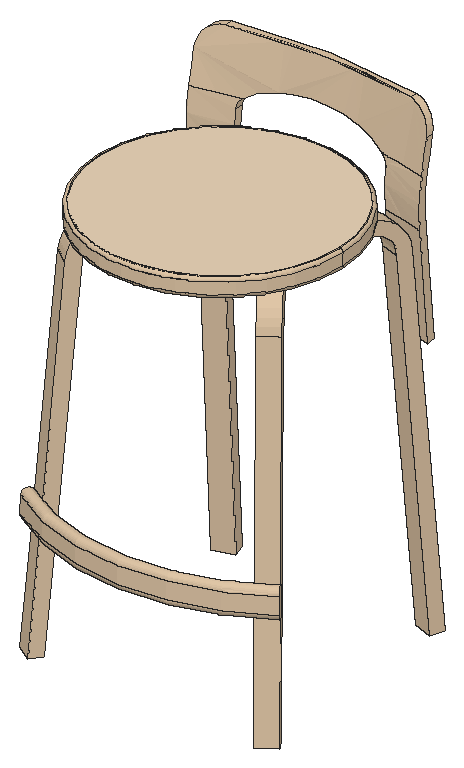
Revit family "Artek_Bar Stools_High Chair K65_High Chair K65_quick_ship", category Furniture, Revit 2018
Family settings
  OmniClass Number = 23.40.20.14.14.11
  OmniClass Title = Chairs
  Work Plane-Based = No
  Always vertical = Yes
  Cut with Voids When Loaded = No
  Shared = No
  Room Calculation Point = No
Parameters (values of type "High Chair K65 Natural Lacquer/Birch Veneer")
  WarrantyStartDate [instance] = "n/a"
  WarrantyGuarantorParts = "n/a"
  WarrantyGuarantorLabor = "n/a"
  WarrantyDurationUnit = "n/a"
  WarrantyDurationParts = "n/a"
  WarrantyDurationLabor = "n/a"
  WarrantyDescription = "n/a"
  VersionDate = "03/11/2020"  # constant formula
  Version = "1"  # constant formula
  Uniclass2015Reference = "Pr_40_50_12_22"
  Uniclass2015Description = "High Chairs"
  Uniclass2 = "Pr_40_50_12_48"
  URL = "https://www.artek.fi/en/products/high-chair-k65"
  Type Comments = ""
  TagNumber [instance] = "n/a"
  SustainabilityPerformance = "n/a"
  Style = "n/a"
  Size = "380x400x700 mm"
  Shape = "Sculptured"
  SerialNumber [instance] = "n/a"
  SeatingHeight = 595 mm
  SeatMaterial = Birch Veneer
  SeatBandMaterial = Natural Lacquered
  Revision = "n/a"
  ReplacementCost = "n/a"
  ProductInformation = "Alvar Aalto's long-legged High Chair K65 is the optimum height for high-top tables and bar counters. Its low seat back offers just the right amount of back support, and its curved rail serves as the perfect foot rest. Part of the L-leg collection and created from the original system of standardised components, High Chair K65 has been serving up style and substance since the 1930s."
  NominalLength = 380 mm
  NominalHeight = 700 mm
  NominalDepth = 400 mm
  Name = "Artek_High Chair K65"
  NBSReference = "45-35-20/365"
  NBSDescription = "High Chairs"
  ModelReference = "n/a"
  ModelNumber = "n/a"
  Material = "Wood"
  ManufacturerURL = "https://www.artek.fi/en/"
  ManufacturerName = "Artek"
  Model = "High Chair K65 Natural Lacquer/Birch Veneer"
  Manufacturer = "Artek"
  MainColor = "Natural Lacquered"
  LegsMaterial = Natural Lacquered
  InstallationDate [instance] = "n/a"
  IfcExportType = "CHAIR"  # constant formula
  IfcExportAs = "IfcFurnishingElementType"  # constant formula
  Grade = "n/a"
  Finish = "Legs and seat edge-band:\r\nSolid birch\r\nSeat core versions:\r\nSolid birch, Birch plywood\r\nSeat surface versions:\r\nBirch veneer, High-pressure laminate, Linoleum, Fabric upholstery and PU foam padding, Leather upholstery and PU foam padding, Leather upholstery\r\nBackrest:\r\nForm-pressed birch plywood\r\nFootrest:\r\nForm-pressed solid birch lamella"
  Features = "n/a"
  ExpectedLife = "n/a"
  DurationUnit = "n/a"
  Designer = "Alvar Aalto"
  Description = "Alvar Aalto's long-legged High Chair K65 is the optimum height for high-top tables and bar counters. Its low seat back offers just the right amount of back support, and its curved rail serves as the perfect foot rest. Part of the L-leg collection and created from the original system of standardised components, High Chair K65 has been serving up style and substance since the 1930s."
  Cost = 0
  ConvergoRefNr = "0190-2009-0004-FI"
  Constituents = "n/a"
  Color = MainColor  # "Natural Lacquered"
  CodePerformance = "n/a"
  Barcode [instance] = "n/a"
  AssetIdentifier [instance] = "n/a"
  Category = "High Chairs"
  Brand = "Artek"
  BIMObjectName = "Furniture_Chairs_Artek_High Chair K65"
  Author = "Convergo AB"  # constant formula
  AssetType = "Movable"
  ArticleNr = "28100651"
  AccessibilityPerformance = "n/a"
Types (6, lengths in mm): name | SeatMaterial | SeatBandMaterial | Model | MainColor | LegsMaterial | Color | ArticleNr
  (no name) | Birch Veneer | Natural Lacquered | "High Chair K65 Natural Lacquer/Birch Veneer" | "Natural Lacquered" | Natural Lacquered | "Natural Lacquered" | "28100651"
  High Chair K65 Natural Lacquer/Birch Veneer | Birch Veneer | Natural Lacquered | "High Chair K65 Natural Lacquer/Birch Veneer" | "Natural Lacquered" | Natural Lacquered | "Natural Lacquered" | "28100651"
  High Chair K65 Natural Lacquer/IKI White HPL | IKI white HPL | Natural Lacquered | "High Chair K65 Natural Lacquer/IKI White HPL" | "Natural Lacquered" | Natural Lacquered | "Natural Lacquered" | "28100652"
  High Chair K65 Natural Lacquer/Black Linoleum | Black Linoleum | Natural Lacquered | "High Chair K65 Natural Lacquer/Black Linoleum" | "Natural Lacquered" | Natural Lacquered | "Natural Lacquered" | "28100653"
  High Chair K65 White Lacquered/White Lacquered | White Lacquered | White Lacquered | "High Chair K65 White Lacquered/White Lacquered" | "White Lacquered" | White Lacquered | "White Lacquered" | "28100654"
  High Chair K65 Black Lacquered/Black Lacquered | White Lacquered | White Lacquered | "High Chair K65 Black Lacquered/Black Lacquered" | "Black Lacquered" | White Lacquered | "Black Lacquered" | "28100655"
Reference planes
  plane 1 "Center (Front/Back)": y = 0
  plane 2: z = 0
  plane 3 "Center (Left/Right)": x = 0
  plane 4: z = 700
  plane 5: z = 595
  plane 6: x = -190
  plane 7: x = 190
  plane 8: y = -200
  plane 9: y = 200
Dimensions and locks
  "SeatingHeight": plane 5 to level
  "NominalHeight": plane 4 to level
  equal spacing: plane 6, plane 3 "Center (Left/Right)", plane 7
  equal spacing: plane 8, plane 1 "Center (Front/Back)", plane 9
  "NominalLength": plane 6 to plane 7
  "NominalDepth": plane 9 to plane 8
  aligned and locked: level to plane 2
Nested families
  nested 1: "chair k65" at (0, 0, 0), Material 1 <- "SeatBandMaterial", Material 2 <- "LegsMaterial", Material 3 <- "SeatMaterial", type "chair k65"
    with Material 3 Birch Veneer, Material 2 Natural Lacquered, Material 1 Natural Lacquered
Definition of nested family "chair k65"
  Parameters (values of type "chair k65")
    Material 3 [instance] = none
    Material 2 [instance] = none
    Material 1 [instance] = none
  Reference planes
    plane 1 "Center (Front/Back)": y = 0
    plane 2: z = 0
    plane 3 "Center (Left/Right)": x = 0
    plane 4: x = -190
    plane 5: x = 190
    plane 6: y = -200
    plane 7: y = 200
    plane 8: z = 700
  Forms (mm)
    Extrusion 1, solid, material <- "Material 2", detail levels medium+fine
      sketch origin (-93.875, -19.505, 142.951) x (0.305529, -0.952183, 0) y (0, 0, -1)
        loop
          line (-222.507, 142.951) -> (-177.516, -371.295)
          arc (-177.516, -371.295) -> (-158.28, -410.302) -> (-117.744, -426.065) r 60
          line (-117.744, -426.065) -> (-65, -426.065) -> (-65, -406.065) -> (-117.744, -406.065)
          arc (-117.744, -406.065) -> (-144.768, -395.556) -> (-157.592, -369.552) r 40
          line (-157.592, -369.552) -> (-202.43, 142.951) -> (-222.507, 142.951)
      from -5 to 25
    Sweep 2, solid, material <- "Material 2", detail levels medium+fine
      path origin (0, -807.553, 130) x (1, 0, 0) y (0, 1, 0)
        loop
          arc (-190, 293.158) -> (0, 483.158) -> (190, 293.158) r 190
      profile origin (0, -324.395, 130) x (0, 1, 0) y (0, 0, 1)
        loop
          line (502.34, 263.876) -> (512.29, 264.871) -> (497.082, 417)
          arc (497.082, 417) -> (496.108, 453.407) -> (500.435, 489.57) r 250
          line (500.435, 489.57) -> (560.406, 798.092) -> (550.589, 800) -> (490.058, 488.595)
          arc (490.058, 488.595) -> (485.905, 453.879) -> (486.839, 418.928) r 240
          line (486.839, 418.928) -> (502.34, 263.876)
    Extrusion 3, solid, material <- "Material 2", detail levels medium+fine
      sketch origin (66.357, 27.571, 142.951) x (-0.573576, 0.819152, 0) y (0, 0, -1)
        loop
          line (-208.683, 142.951) -> (-163.693, -371.295)
          arc (-163.693, -371.295) -> (-144.456, -410.302) -> (-103.921, -426.065) r 60
          line (-103.921, -426.065) -> (-51.177, -426.065) -> (-51.177, -406.065) -> (-103.921, -406.065)
          arc (-103.921, -406.065) -> (-130.945, -395.556) -> (-143.769, -369.552) r 40
          line (-143.769, -369.552) -> (-188.607, 142.951) -> (-208.683, 142.951)
      from -5 to 25
    Extrusion 4, void
      sketch origin (0, -267.104, -100) x (1, 0, 0) y (0, 0, 1)
        loop
          line (-170.102, 200) -> (-110.102, 200) -> (-110.102, 704.482)
          spline (-110.102, 704.482) -> (-106.351, 714.835) -> (-95.351, 724.482) -> (-77.854, 732.766) -> (-55.051, 739.123) -> (-28.497, 743.119) -> (0, 744.482) -> (28.497, 743.119) -> (55.051, 739.123) -> (77.854, 732.766) -> (95.351, 724.482) -> (106.351, 714.835) -> (110.102, 704.482)
          line (110.102, 704.482) -> (110.102, 200) -> (170.102, 200) -> (170.102, 765)
          arc (170.102, 765) -> (159.851, 789.749) -> (135.102, 800) r 35
          line (135.102, 800) -> (-135.102, 800)
          arc (-135.102, 800) -> (-159.851, 789.749) -> (-170.102, 765) r 35
          line (-170.102, 765) -> (-170.102, 200)
        loop
          line (-1185.878, 1284.376) -> (-1185.878, -155.624) -> (903.83, -155.624) -> (903.83, 1284.376) -> (-1185.878, 1284.376)
      from -1020.565 to 250
    Sweep 5, solid, material <- "Material 2", detail levels medium+fine
      path origin (0, 0.312, 0) x (1, 0, 0) y (0, 1, 0)
        loop
          arc (-190, -140.293) -> (0, -200) -> (190, -140.293) r 332.162
      profile origin (0, -199.688, 0) x (0, 1, 0) y (0, 0, 1)
        loop
          arc (18.078, 198.377) -> (9.495, 207.499) -> (0.374, 198.915) r 8.856
          line (0.374, 198.915) -> (-0.367, 174.386)
          arc (-0.367, 174.386) -> (8.213, 165.27) -> (17.33, 173.849) r 8.853
          line (17.33, 173.849) -> (18.078, 198.377)
    Extrusion 6, solid, material <- "Material 2", detail levels medium+fine
      sketch origin (-66.357, 27.571, 142.951) x (0.573576, 0.819152, 0) y (0, 0, 1)
        loop
          line (-208.683, -142.951) -> (-188.607, -142.951) -> (-143.769, 369.552)
          arc (-143.769, 369.552) -> (-130.945, 395.556) -> (-103.921, 406.065) r 40
          line (-103.921, 406.065) -> (-51.177, 406.065) -> (-51.177, 426.065) -> (-103.921, 426.065)
          arc (-103.921, 426.065) -> (-144.456, 410.302) -> (-163.693, 371.295) r 60
          line (-163.693, 371.295) -> (-208.683, -142.951)
      from -5 to 25
    Extrusion 7, solid, material <- "Material 2", detail levels medium+fine
      sketch origin (93.875, -19.505, 142.951) x (-0.305529, -0.952183, 0) y (0, 0, 1)
        loop
          line (-222.507, -142.951) -> (-202.43, -142.951) -> (-157.592, 369.552)
          arc (-157.592, 369.552) -> (-144.768, 395.556) -> (-117.744, 406.065) r 40
          line (-117.744, 406.065) -> (-65, 406.065) -> (-65, 426.065) -> (-117.744, 426.065)
          arc (-117.744, 426.065) -> (-158.28, 410.302) -> (-177.516, 371.295) r 60
          line (-177.516, 371.295) -> (-222.507, -142.951)
      from -5 to 25
    Extrusion 8, solid, material <- "Material 3", detail levels medium+fine
      sketch origin (0, 0, 0) x (1, 0, 0) y (0, 1, 0)
        loop
          circle (0, -12.529) r 175
      from 590.017 to 595.017
    Revolve 9, solid, material <- "Material 1", detail levels medium+fine
      sketch origin (0, -12.29, 0) x (1, 0, 0) y (0, 0, 1)
        loop
          line (0, 590.017) -> (-175, 590.017) -> (-175, 595.017)
          arc (-175, 595.017) -> (-178.536, 593.552) -> (-180, 590.017) r 5
          line (-180, 590.017) -> (-180, 573.017)
          arc (-180, 573.017) -> (-178.536, 569.481) -> (-175, 568.017) r 5
          line (-175, 568.017) -> (0, 568.017) -> (0, 590.017)
        axis (0, 568.017) -> (0, 595.017)
      angle from 0 to 360
    Extrusion 10, solid, material <- "Material 1", detail levels coarse
      sketch origin (0, 0, 0) x (1, 0, 0) y (0, 1, 0)
        loop
          line (-190, 200) -> (-190, -200) -> (190, -200) -> (190, 200) -> (-190, 200)
      from 0 to 700
  Cuts and joins
    Extrusion 4 cuts Sweep 2
    joined: Extrusion 1, Sweep 2, Extrusion 3, Sweep 5, Extrusion 6, Extrusion 7
  Lines and regions (mm)
    symbolic lines, detail levels medium+fine
      curve 1: arc (-110.102, 200, 0) -> (-140.197, 195.404, 0) -> (-170.103, 189.706, 0) r 829.119
      curve 3: line (-154.202, 148.163, 0) -> (-139.297, 101.712, 0)
      curve 4: line (-190.148, -140.504, 0) -> (-159.194, -96.297, 0)
      curve 7: arc (-190.148, -140.504, 0) -> (-177.615, -148.786, 0) -> (-164.723, -156.496, 0) r 333.604
      curve 9: line (-183.783, 142.54, 0) -> (-190, 151.097, 0)
      curve 10: line (-190, 151.097, 0) -> (-190, 162.285, 0)
      curve 11: arc (-190, 162.285, 0) -> (-189.73, 163.589, 0) -> (-188.964, 164.679, 0) r 3.283
      curve 12: arc (-188.964, 164.679, 0) -> (-181.002, 170.808, 0) -> (-172.003, 175.277, 0) r 51.559
      curve 13: arc (-172.003, 175.277, 0) -> (-169.087, 176.363, 0) -> (-166.158, 177.41, 0) r 233.461
      curve 18: line (-170.103, 189.706, 0) -> (-166.158, 177.41, 0)
      curve 19: line (-110.102, 200, 0) -> (-106.92, 190.082, 0)
      curve 20: line (-154.202, 148.163, 0) -> (-183.783, 142.54, 0)
      curve 23: arc (-106.92, 190.082, 0) -> (-53.617, 195.907, 0) -> (0, 196.5, 0) r 548.452
      curve 25: arc (-164.723, -156.496, 0) -> (-85.185, -188.941, 0) -> (0, -200, 0) r 333.604
      curve 26: arc (110.102, 200, 0) -> (140.197, 195.404, 0) -> (170.103, 189.706, 0) r 829.119
      curve 28: line (154.202, 148.163, 0) -> (139.297, 101.712, 0)
      curve 29: line (190.148, -140.504, 0) -> (159.194, -96.297, 0)
      curve 32: arc (190.148, -140.504, 0) -> (177.615, -148.786, 0) -> (164.723, -156.496, 0) r 333.604
      curve 34: line (183.783, 142.54, 0) -> (190, 151.097, 0)
      curve 35: line (190, 151.097, 0) -> (190, 162.285, 0)
      curve 36: arc (190, 162.285, 0) -> (189.73, 163.589, 0) -> (188.964, 164.679, 0) r 3.283
      curve 37: arc (188.964, 164.679, 0) -> (181.002, 170.808, 0) -> (172.003, 175.277, 0) r 51.559
      curve 38: arc (172.003, 175.277, 0) -> (169.087, 176.363, 0) -> (166.158, 177.41, 0) r 233.461
      curve 43: line (170.103, 189.706, 0) -> (166.158, 177.41, 0)
      curve 44: line (110.102, 200, 0) -> (106.92, 190.082, 0)
      curve 45: line (154.202, 148.163, 0) -> (183.783, 142.54, 0)
      curve 48: arc (106.92, 190.082, 0) -> (53.617, 195.907, 0) -> (0, 196.5, 0) r 548.452
      curve 50: arc (164.723, -156.496, 0) -> (85.185, -188.941, 0) -> (0, -200, 0) r 333.604
      curve 51: line (0, 0, 700) -> (-125, 0, 700)
      curve 52: line (-170.102, 0, 398.655) -> (-179.737, 0, 207.049)
      curve 53: line (-190.148, 0, 0) -> (-131.919, 0, 0)
      curve 54: line (-131.919, 0, 0) -> (-127.506, 0, 165.107)
      curve 68: spline (-175, 0, 568.017) -> (-176.294, 0, 568.476) -> (-177.5, 0, 569.824) -> (-178.536, 0, 571.968) -> (-179.33, 0, 574.763) -> (-179.83, 0, 578.016) -> (-180, 0, 581.508) -> (-179.83, 0, 585) -> (-179.33, 0, 588.254) -> (-178.536, 0, 591.048) -> (-177.5, 0, 593.192) -> (-176.294, 0, 594.54) -> (-175, 0, 595)
      curve 71: line (-184.534, 0, 207.049) -> (-179.737, 0, 207.049)
      curve 72: line (-184.534, 0, 165.107) -> (-181.846, 0, 165.107)
      curve 73: spline (-184.534, 0, 207.049) -> (-185.951, 0, 206.334) -> (-187.271, 0, 204.239) -> (-188.405, 0, 200.907) -> (-189.274, 0, 196.563) -> (-189.821, 0, 191.506) -> (-190.008, 0, 186.078) -> (-189.821, 0, 180.65) -> (-189.274, 0, 175.592) -> (-188.405, 0, 171.249) -> (-187.271, 0, 167.917) -> (-185.951, 0, 165.822) -> (-184.534, 0, 165.107)
      curve 80: line (-181.846, 0, 165.107) -> (-190.148, 0, 0)
      curve 86: line (-127.506, 0, 165.107) -> (0, 0, 165.107)
      curve 92: line (0, 0, 700) -> (125, 0, 700)
      curve 93: line (170.102, 0, 398.655) -> (179.737, 0, 207.049)
      curve 94: line (190.148, 0, 0) -> (131.919, 0, 0)
      curve 95: line (131.919, 0, 0) -> (127.506, 0, 165.107)
      curve 109: spline (175, 0, 568.017) -> (176.294, 0, 568.476) -> (177.5, 0, 569.824) -> (178.536, 0, 571.968) -> (179.33, 0, 574.763) -> (179.83, 0, 578.016) -> (180, 0, 581.508) -> (179.83, 0, 585) -> (179.33, 0, 588.254) -> (178.536, 0, 591.048) -> (177.5, 0, 593.192) -> (176.294, 0, 594.54) -> (175, 0, 595)
      curve 112: line (184.534, 0, 207.049) -> (179.737, 0, 207.049)
      curve 113: line (184.534, 0, 165.107) -> (181.846, 0, 165.107)
      curve 114: spline (184.534, 0, 207.049) -> (185.951, 0, 206.334) -> (187.271, 0, 204.239) -> (188.405, 0, 200.907) -> (189.274, 0, 196.563) -> (189.821, 0, 191.506) -> (190.008, 0, 186.078) -> (189.821, 0, 180.65) -> (189.274, 0, 175.592) -> (188.405, 0, 171.249) -> (187.271, 0, 167.917) -> (185.951, 0, 165.822) -> (184.534, 0, 165.107)
      curve 121: line (181.846, 0, 165.107) -> (190.148, 0, 0)
      curve 127: line (127.506, 0, 165.107) -> (0, 0, 165.107)
      curve 133: line (0, 0, 595) -> (0, 140.751, 595)
      curve 135: line (0, 0, 595) -> (0, -186.482, 595)
      curve 136: line (0, -186.482, 567.922) -> (0, -80.831, 567.922)
      curve 137: spline (0, -186.482, 595) -> (0, -187.776, 594.539) -> (0, -188.982, 593.186) -> (0, -190.018, 591.034) -> (0, -190.812, 588.23) -> (0, -191.312, 584.965) -> (0, -191.482, 581.461) -> (0, -191.312, 577.957) -> (0, -190.812, 574.691) -> (0, -190.018, 571.887) -> (0, -188.982, 569.736) -> (0, -187.776, 568.383) -> (0, -186.482, 567.922)
      curve 138: line (0, -11.482, 567.922) -> (0, -11.482, 549.017)
      curve 139: line (0, -54.688, 549.017) -> (0, -11.482, 549.017)
      curve 140: spline (0, -54.688, 549.017) -> (0, -58.728, 548.711) -> (0, -62.707, 547.8) -> (0, -66.564, 546.297) -> (0, -70.239, 544.225) -> (0, -73.676, 541.615) -> (0, -76.824, 538.508) -> (0, -79.634, 534.95) -> (0, -82.064, 530.997) -> (0, -84.075, 526.708) -> (0, -85.638, 522.149) -> (0, -86.728, 517.39) -> (0, -87.329, 512.503)
      curve 141: line (0, -87.329, 512.503) -> (0, -124.059, 0)
      curve 143: spline (0, -80.831, 567.922) -> (0, -86.483, 567.474) -> (0, -92.05, 566.136) -> (0, -97.447, 563.93) -> (0, -102.594, 560.888) -> (0, -107.413, 557.055) -> (0, -111.831, 552.491) -> (0, -115.782, 547.262) -> (0, -119.206, 541.45) -> (0, -122.052, 535.14) -> (0, -124.276, 528.428) -> (0, -125.845, 521.416) -> (0, -126.736, 514.209)
      curve 144: line (0, -126.736, 514.209) -> (0, -142.84, 207.503)
      curve 147: line (0, -145.867, 165.266) -> (0, -157.712, 0)
      curve 148: line (0, 167.744, 0) -> (0, 125.05, 512.503)
      curve 150: line (0, 196.026, 0) -> (0, 160.708, 394.871)
      curve 151: spline (0, 125.05, 512.503) -> (0, 124.351, 517.39) -> (0, 123.084, 522.149) -> (0, 121.267, 526.708) -> (0, 118.929, 530.997) -> (0, 116.105, 534.95) -> (0, 112.839, 538.508) -> (0, 109.18, 541.615) -> (0, 105.184, 544.225) -> (0, 100.912, 546.297) -> (0, 96.429, 547.8) -> (0, 91.804, 548.711) -> (0, 87.108, 549.017)
      curve 153: line (0, 36.886, 549.017) -> (0, 87.108, 549.017)
      curve 154: line (0, 36.886, 549.017) -> (0, 36.886, 567.922)
      curve 163: line (0, -199.997, 174.386) -> (0, -199.389, 198.915)
      curve 164: spline (0, -199.389, 198.915) -> (0, -199.301, 200.046) -> (0, -199.095, 201.154) -> (0, -198.775, 202.221) -> (0, -198.345, 203.229) -> (0, -197.812, 204.161) -> (0, -197.186, 205.003) -> (0, -196.477, 205.741) -> (0, -195.697, 206.361) -> (0, -194.857, 206.855) -> (0, -193.973, 207.213) -> (0, -193.058, 207.43) -> (0, -192.128, 207.503)
      curve 167: spline (0, -192.739, 165.266) -> (0, -193.705, 165.345) -> (0, -194.653, 165.58) -> (0, -195.568, 165.966) -> (0, -196.432, 166.497) -> (0, -197.231, 167.164) -> (0, -197.95, 167.954) -> (0, -198.576, 168.854) -> (0, -199.099, 169.848) -> (0, -199.508, 170.917) -> (0, -199.798, 172.044) -> (0, -199.961, 173.207) -> (0, -199.997, 174.386)
      curve 172: line (0, -11.482, 567.922) -> (0, 0, 567.922)
      curve 173: line (0, 36.886, 567.922) -> (0, 0, 567.922)
      curve 174: line (0, 196.026, 0) -> (0, 186.861, 0)
      curve 175: line (0, 186.861, 0) -> (0, 167.744, 0)
      curve 176: line (0, -124.059, 0) -> (0, -140.504, 0)
      curve 177: line (0, -140.504, 0) -> (0, -157.712, 0)
      curve 178: line (0, -142.84, 207.503) -> (0, -192.128, 207.503)
      curve 179: line (0, -145.867, 165.266) -> (0, -192.739, 165.266)
      curve 180: arc (-180, -12.29, 0) -> (-169.519, 48.235, 0) -> (-139.297, 101.712, 0) r 180
      curve 185: arc (139.297, 101.712, 0) -> (179.098, 5.707, 0) -> (159.194, -96.297, 0) r 180
      curve 189: arc (-159.194, -96.297, 0) -> (-174.721, -55.563, 0) -> (-180, -12.29, 0) r 180
      curve 191: arc (135.102, 0, 700) -> (159.851, 0, 689.749) -> (170.102, 0, 665) r 35
      curve 192: line (170.102, 0, 665) -> (170.102, 0, 595)
      curve 193: arc (-170.102, 0, 665) -> (-159.851, 0, 689.749) -> (-135.102, 0, 700) r 35
      curve 194: line (-170.102, 0, 398.655) -> (-170.102, 0, 568.017)
      curve 195: line (-170.102, 0, 595) -> (-170.102, 0, 665)
      curve 196: line (-170.102, 0, 595) -> (-175, 0, 595)
      curve 197: line (170.102, 0, 568.017) -> (170.102, 0, 398.655)
      curve 198: line (170.102, 0, 595) -> (175, 0, 595)
      curve 199: line (170.102, 0, 568.017) -> (175, 0, 568.017)
      curve 200: line (-170.102, 0, 568.017) -> (-175, 0, 568.017)
      curve 201: line (0, 179.21, 394.871) -> (0, 163.807, 547)
      curve 202: arc (0, 163.807, 547) -> (0, 162.973, 557.448) -> (0, 162.582, 567.922) r 247.079
      curve 203: arc (0, 164.71, 604.485) -> (0, 170.356, 625.442) -> (0, 181.231, 644.224) r 83.179
      curve 204: line (0, 181.231, 644.224) -> (0, 191.674, 700)
      curve 205: line (0, 191.674, 700) -> (0, 168.246, 700)
      curve 206: line (0, 153.358, 665) -> (0, 168.246, 700)
      curve 207: line (0, 144.046, 618.595) -> (0, 153.358, 665)
      curve 208: arc (0, 144.046, 618.595) -> (0, 142.048, 606.846) -> (0, 140.751, 595) r 200.99
      curve 210: line (0, 179.21, 394.871) -> (0, 160.708, 394.871)
      curve 211: spline (0, 163.634, 595) -> (0, 164.909, 594.488) -> (0, 166.062, 593.089) -> (0, 167.013, 590.897) -> (0, 167.698, 588.062) -> (0, 168.07, 584.778) -> (0, 168.104, 581.267) -> (0, 167.798, 577.769) -> (0, 167.172, 574.523) -> (0, 166.269, 571.75) -> (0, 165.151, 569.639) -> (0, 163.893, 568.333) -> (0, 162.582, 567.922)
      curve 212: arc (0, 163.634, 595) -> (0, 164.126, 599.748) -> (0, 164.71, 604.485) r 247.079
    symbolic lines, detail levels fine
      curve 2: line (-124.506, 153.808, 0) -> (-115.507, 125.761, 0)
      curve 5: line (-164.723, -156.496, 0) -> (-154.041, -141.241, 0)
      curve 6: arc (-154.041, -141.241, 0) -> (-122.673, -156.538, 0) -> (-89.81, -168.284, 0) r 316.133
      curve 8: line (-110.102, 156.546, 0) -> (-124.506, 153.808, 0)
      curve 14: arc (-110.129, 189.562, 0) -> (-108.525, 189.824, 0) -> (-106.92, 190.082, 0) r 548.452
      curve 15: line (-110.102, 156.546, 0) -> (-110.102, 160.33, 0)
      curve 16: arc (-110.102, 160.33, 0) -> (-109.827, 161.416, 0) -> (-109.068, 162.239, 0) r 2.278
      curve 17: arc (-109.068, 162.239, 0) -> (-54.98, 172.708, 0) -> (0, 176.228, 0) r 433.194
      curve 21: line (-124.506, 153.808, 0) -> (-154.202, 148.163, 0)
      curve 22: arc (-166.158, 177.41, 0) -> (-138.518, 185.212, 0) -> (-110.129, 189.562, 0) r 233.461
      curve 24: line (-154.041, -141.241, 0) -> (-141.579, -123.444, 0)
      curve 27: line (124.506, 153.808, 0) -> (115.507, 125.761, 0)
      curve 30: line (164.723, -156.496, 0) -> (154.041, -141.241, 0)
      curve 31: arc (154.041, -141.241, 0) -> (122.673, -156.538, 0) -> (89.81, -168.284, 0) r 316.133
      curve 33: line (110.102, 156.546, 0) -> (124.506, 153.808, 0)
      curve 39: arc (110.129, 189.562, 0) -> (108.525, 189.824, 0) -> (106.92, 190.082, 0) r 548.452
      curve 40: line (110.102, 156.546, 0) -> (110.102, 160.33, 0)
      curve 41: arc (110.102, 160.33, 0) -> (109.827, 161.416, 0) -> (109.068, 162.239, 0) r 2.278
      curve 42: arc (109.068, 162.239, 0) -> (54.98, 172.708, 0) -> (0, 176.228, 0) r 433.194
      curve 46: line (124.506, 153.808, 0) -> (154.202, 148.163, 0)
      curve 47: arc (166.158, 177.41, 0) -> (138.518, 185.212, 0) -> (110.129, 189.562, 0) r 233.461
      curve 49: line (154.041, -141.241, 0) -> (141.579, -123.444, 0)
      curve 55: spline (-106.045, 0, 549.017) -> (-106.374, 0, 549.002) -> (-106.703, 0, 548.959) -> (-107.031, 0, 548.886) -> (-107.359, 0, 548.785) -> (-107.685, 0, 548.655) -> (-108.011, 0, 548.496) -> (-108.335, 0, 548.308) -> (-108.657, 0, 548.092) -> (-108.978, 0, 547.848) -> (-109.296, 0, 547.576) -> (-109.612, 0, 547.275) -> (-109.925, 0, 546.947)
      curve 56: line (-106.045, 0, 549.017) -> (-75.231, 0, 549.017)
      curve 57: line (-75.231, 0, 549.017) -> (-75.231, 0, 568.017)
      curve 58: line (-75.231, 0, 568.017) -> (-111.741, 0, 568.017)
      curve 59: spline (-168.461, 0, 514.173) -> (-167.843, 0, 521.395) -> (-166.749, 0, 528.422) -> (-165.195, 0, 535.149) -> (-163.204, 0, 541.474) -> (-160.808, 0, 547.301) -> (-158.041, 0, 552.543) -> (-154.946, 0, 557.12) -> (-151.569, 0, 560.963) -> (-147.962, 0, 564.014) -> (-144.179, 0, 566.226) -> (-140.277, 0, 567.567) -> (-136.316, 0, 568.017)
      curve 60: spline (-111.741, 0, 568.017) -> (-115.583, 0, 567.567) -> (-119.366, 0, 566.225) -> (-123.034, 0, 564.011) -> (-126.531, 0, 560.958) -> (-129.805, 0, 557.113) -> (-132.805, 0, 552.534) -> (-135.487, 0, 547.289) -> (-137.81, 0, 541.459) -> (-139.738, 0, 535.131) -> (-141.243, 0, 528.401) -> (-142.302, 0, 521.372) -> (-142.899, 0, 514.148)
      curve 61: spline (-128.34, 0, 512.503) -> (-127.919, 0, 517.39) -> (-127.156, 0, 522.149) -> (-126.061, 0, 526.708) -> (-124.653, 0, 530.997) -> (-122.952, 0, 534.95) -> (-120.984, 0, 538.508) -> (-118.78, 0, 541.615) -> (-116.373, 0, 544.225) -> (-113.8, 0, 546.297) -> (-111.099, 0, 547.8) -> (-108.313, 0, 548.711) -> (-105.484, 0, 549.017)
      curve 62: line (-142.899, 0, 514.148) -> (-155.184, 0, 207.049)
      curve 63: line (-128.34, 0, 512.503) -> (-143.668, 0, 207.049)
      curve 64: line (-121.375, 0, 394.482) -> (-110.102, 0, 394.482)
      curve 65: line (-110.102, 0, 394.482) -> (-110.05, 0, 546.802)
      curve 66: line (0, 0, 595) -> (-110.102, 0, 595)
      curve 67: line (-136.316, 0, 568.017) -> (-170.102, 0, 568.017)
      curve 69: spline (-110.102, 0, 604.482) -> (-109.16, 0, 609.703) -> (-106.351, 0, 614.835) -> (-101.721, 0, 619.789) -> (-95.351, 0, 624.482) -> (-87.35, 0, 628.832) -> (-77.854, 0, 632.766) -> (-67.026, 0, 636.216) -> (-55.051, 0, 639.123) -> (-42.134, 0, 641.437) -> (-28.497, 0, 643.119) -> (-14.371, 0, 644.14) -> (0, 0, 644.482)
      curve 70: line (-110.102, 0, 604.482) -> (-110.102, 0, 595)
      curve 74: line (-168.461, 0, 514.173) -> (-170.102, 0, 398.655)
      curve 75: line (-179.737, 0, 207.049) -> (-155.184, 0, 207.049)
      curve 76: line (-155.184, 0, 207.049) -> (-143.668, 0, 207.049)
      curve 77: line (-143.668, 0, 207.049) -> (-126.385, 0, 207.049)
      curve 78: line (-126.385, 0, 207.049) -> (0, 0, 207.049)
      curve 79: line (-126.385, 0, 207.049) -> (-121.375, 0, 394.482)
      curve 81: line (-181.846, 0, 165.107) -> (-157.288, 0, 165.107)
      curve 82: line (-157.288, 0, 165.107) -> (-145.773, 0, 165.107)
      curve 83: line (-157.288, 0, 165.107) -> (-165.574, 0, 0)
      curve 84: line (-145.773, 0, 165.107) -> (-127.506, 0, 165.107)
      curve 85: line (-145.773, 0, 165.107) -> (-154.058, 0, 0)
      curve 87: spline (-109.925, 0, 546.947) -> (-111.026, 0, 545.544) -> (-112.08, 0, 543.799) -> (-113.078, 0, 541.729) -> (-114.01, 0, 539.354) -> (-114.868, 0, 536.695) -> (-115.643, 0, 533.777) -> (-116.329, 0, 530.628) -> (-116.918, 0, 527.278) -> (-117.406, 0, 523.756) -> (-117.788, 0, 520.097) -> (-118.06, 0, 516.334) -> (-118.22, 0, 512.503)
      curve 88: line (-111.741, 0, 568.017) -> (-136.316, 0, 568.017)
      curve 89: line (-75.231, 0, 568.017) -> (0, 0, 568.017)
      curve 90: line (-110.102, 0, 595) -> (-170.102, 0, 595)
      curve 91: line (-121.375, 0, 394.482) -> (-118.22, 0, 512.503)
      curve 96: spline (106.045, 0, 549.017) -> (106.385, 0, 549.001) -> (106.725, 0, 548.955) -> (107.064, 0, 548.877) -> (107.402, 0, 548.769) -> (107.74, 0, 548.63) -> (108.076, 0, 548.461) -> (108.41, 0, 548.261) -> (108.743, 0, 548.03) -> (109.073, 0, 547.769) -> (109.402, 0, 547.478) -> (109.727, 0, 547.158) -> (110.05, 0, 546.808)
      curve 97: line (106.045, 0, 549.017) -> (75.231, 0, 549.017)
      curve 98: line (75.231, 0, 549.017) -> (75.231, 0, 568.017)
      curve 99: line (75.231, 0, 568.017) -> (111.741, 0, 568.017)
      curve 100: spline (168.461, 0, 514.173) -> (167.843, 0, 521.395) -> (166.749, 0, 528.422) -> (165.195, 0, 535.149) -> (163.204, 0, 541.474) -> (160.808, 0, 547.301) -> (158.041, 0, 552.543) -> (154.946, 0, 557.12) -> (151.569, 0, 560.963) -> (147.962, 0, 564.014) -> (144.179, 0, 566.226) -> (140.277, 0, 567.567) -> (136.316, 0, 568.017)
      curve 101: spline (111.741, 0, 568.017) -> (115.703, 0, 567.567) -> (119.605, 0, 566.226) -> (123.388, 0, 564.014) -> (126.995, 0, 560.963) -> (130.371, 0, 557.12) -> (133.466, 0, 552.543) -> (136.233, 0, 547.301) -> (138.63, 0, 541.474) -> (140.62, 0, 535.149) -> (142.175, 0, 528.422) -> (143.269, 0, 521.395) -> (143.887, 0, 514.173)
      curve 102: spline (128.34, 0, 512.503) -> (127.919, 0, 517.39) -> (127.156, 0, 522.149) -> (126.061, 0, 526.708) -> (124.653, 0, 530.997) -> (122.952, 0, 534.95) -> (120.984, 0, 538.508) -> (118.78, 0, 541.615) -> (116.373, 0, 544.225) -> (113.8, 0, 546.297) -> (111.099, 0, 547.8) -> (108.313, 0, 548.711) -> (105.484, 0, 549.017)
      curve 103: line (143.887, 0, 514.173) -> (155.184, 0, 207.049)
      curve 104: line (128.34, 0, 512.503) -> (143.668, 0, 207.049)
      curve 105: line (121.375, 0, 394.482) -> (110.102, 0, 394.482)
      curve 106: line (110.102, 0, 394.482) -> (110.05, 0, 546.808)
      curve 107: line (0, 0, 595) -> (110.102, 0, 595)
      curve 108: line (136.316, 0, 568.017) -> (170.102, 0, 568.017)
      curve 110: spline (110.102, 0, 604.482) -> (109.16, 0, 609.703) -> (106.351, 0, 614.835) -> (101.721, 0, 619.789) -> (95.351, 0, 624.482) -> (87.35, 0, 628.832) -> (77.854, 0, 632.766) -> (67.026, 0, 636.216) -> (55.051, 0, 639.123) -> (42.134, 0, 641.437) -> (28.497, 0, 643.119) -> (14.371, 0, 644.14) -> (0, 0, 644.482)
      curve 111: line (110.102, 0, 604.482) -> (110.102, 0, 595)
      curve 115: line (168.461, 0, 514.173) -> (170.102, 0, 398.655)
      curve 116: line (179.737, 0, 207.049) -> (155.184, 0, 207.049)
      curve 117: line (155.184, 0, 207.049) -> (143.668, 0, 207.049)
      curve 118: line (143.668, 0, 207.049) -> (126.385, 0, 207.049)
      curve 119: line (126.385, 0, 207.049) -> (0, 0, 207.049)
      curve 120: line (126.385, 0, 207.049) -> (121.375, 0, 394.482)
      curve 122: line (181.846, 0, 165.107) -> (157.288, 0, 165.107)
      curve 123: line (157.288, 0, 165.107) -> (145.773, 0, 165.107)
      curve 124: line (157.288, 0, 165.107) -> (165.574, 0, 0)
      curve 125: line (145.773, 0, 165.107) -> (127.506, 0, 165.107)
      curve 126: line (145.773, 0, 165.107) -> (154.058, 0, 0)
      curve 128: spline (110.05, 0, 546.808) -> (111.136, 0, 545.381) -> (112.176, 0, 543.62) -> (113.159, 0, 541.542) -> (114.077, 0, 539.166) -> (114.921, 0, 536.513) -> (115.684, 0, 533.608) -> (116.359, 0, 530.477) -> (116.938, 0, 527.15) -> (117.418, 0, 523.656) -> (117.794, 0, 520.028) -> (118.062, 0, 516.299) -> (118.22, 0, 512.503)
      curve 129: line (111.741, 0, 568.017) -> (136.316, 0, 568.017)
      curve 130: line (75.231, 0, 568.017) -> (0, 0, 568.017)
      curve 131: line (110.102, 0, 595) -> (170.102, 0, 595)
      curve 132: line (121.375, 0, 394.482) -> (118.22, 0, 512.503)
      curve 134: line (0, 140.425, 567.922) -> (0, 104.622, 567.922)
      curve 142: spline (0, -100.154, 513.898) -> (0, -99.141, 521.132) -> (0, -97.315, 528.176) -> (0, -94.704, 534.922) -> (0, -91.348, 541.268) -> (0, -87.298, 547.117) -> (0, -82.614, 552.379) -> (0, -77.37, 556.975) -> (0, -71.644, 560.835) -> (0, -65.524, 563.9) -> (0, -59.103, 566.123) -> (0, -52.479, 567.47) -> (0, -45.752, 567.922)
      curve 145: line (0, -125.974, 202.748) -> (0, -100.154, 513.898)
      curve 146: line (0, -140.504, 0) -> (0, -128.524, 167.171)
      curve 149: line (0, 153.815, 471.929) -> (0, 186.861, 0)
      curve 152: spline (0, 97.495, 567.922) -> (0, 102.281, 567.684) -> (0, 107.029, 566.974) -> (0, 111.701, 565.796) -> (0, 116.26, 564.161) -> (0, 120.668, 562.08) -> (0, 124.892, 559.572) -> (0, 128.896, 556.655) -> (0, 132.65, 553.353) -> (0, 136.123, 549.693) -> (0, 139.288, 545.704) -> (0, 142.119, 541.417) -> (0, 144.593, 536.867)
      curve 155: line (0, 97.495, 567.922) -> (0, 36.886, 567.922)
      curve 156: line (0, 104.622, 567.922) -> (0, 97.495, 567.922)
      curve 157: line (0, -45.752, 567.922) -> (0, -11.482, 567.922)
      curve 158: line (0, -80.831, 567.922) -> (0, -45.752, 567.922)
      curve 159: line (0, -125.152, 198.377) -> (0, -125.765, 173.849)
      curve 160: line (0, -140.281, 174.386) -> (0, -139.673, 198.915)
      curve 161: spline (0, -139.673, 198.915) -> (0, -139.585, 200.046) -> (0, -139.379, 201.154) -> (0, -139.059, 202.221) -> (0, -138.629, 203.229) -> (0, -138.097, 204.161) -> (0, -137.471, 205.003) -> (0, -136.762, 205.741) -> (0, -135.981, 206.361) -> (0, -135.141, 206.855) -> (0, -134.257, 207.213) -> (0, -133.342, 207.43) -> (0, -132.412, 207.503)
      curve 162: spline (0, -125.765, 173.849) -> (0, -125.8, 173.207) -> (0, -125.874, 172.57) -> (0, -125.985, 171.942) -> (0, -126.133, 171.324) -> (0, -126.318, 170.722) -> (0, -126.538, 170.137) -> (0, -126.792, 169.574) -> (0, -127.079, 169.034) -> (0, -127.397, 168.521) -> (0, -127.746, 168.038) -> (0, -128.122, 167.587) -> (0, -128.524, 167.171)
      curve 165: line (0, -132.412, 207.503) -> (0, -142.84, 207.503)
      curve 166: line (0, -133.023, 165.266) -> (0, -145.867, 165.266)
      curve 168: spline (0, -125.974, 202.748) -> (0, -125.836, 202.41) -> (0, -125.711, 202.064) -> (0, -125.597, 201.713) -> (0, -125.496, 201.356) -> (0, -125.408, 200.994) -> (0, -125.332, 200.627) -> (0, -125.269, 200.257) -> (0, -125.219, 199.885) -> (0, -125.183, 199.509) -> (0, -125.159, 199.133) -> (0, -125.149, 198.755) -> (0, -125.152, 198.377)
      curve 169: spline (0, -128.524, 167.171) -> (0, -128.848, 166.876) -> (0, -129.185, 166.604) -> (0, -129.534, 166.355) -> (0, -129.894, 166.13) -> (0, -130.263, 165.931) -> (0, -130.642, 165.756) -> (0, -131.027, 165.607) -> (0, -131.419, 165.485) -> (0, -131.815, 165.39) -> (0, -132.216, 165.321) -> (0, -132.619, 165.28) -> (0, -133.023, 165.266)
      curve 170: spline (0, -132.412, 207.503) -> (0, -131.754, 207.467) -> (0, -131.101, 207.358) -> (0, -130.458, 207.177) -> (0, -129.832, 206.926) -> (0, -129.227, 206.607) -> (0, -128.649, 206.222) -> (0, -128.101, 205.775) -> (0, -127.589, 205.269) -> (0, -127.116, 204.708) -> (0, -126.687, 204.098) -> (0, -126.305, 203.443) -> (0, -125.974, 202.748)
      curve 171: spline (0, -133.023, 165.266) -> (0, -133.989, 165.345) -> (0, -134.938, 165.58) -> (0, -135.852, 165.966) -> (0, -136.717, 166.497) -> (0, -137.515, 167.164) -> (0, -138.234, 167.954) -> (0, -138.861, 168.854) -> (0, -139.383, 169.848) -> (0, -139.793, 170.917) -> (0, -140.082, 172.044) -> (0, -140.246, 173.207) -> (0, -140.281, 174.386)
      curve 181: arc (-89.81, -168.284, 0) -> (-117.847, -148.349, 0) -> (-141.579, -123.444, 0) r 180
      curve 182: arc (89.81, -168.284, 0) -> (0, -192.29, 0) -> (-89.81, -168.284, 0) r 180
      curve 183: arc (159.194, -96.297, 0) -> (150.998, -110.267, 0) -> (141.579, -123.444, 0) r 180
      curve 184: arc (141.579, -123.444, 0) -> (117.847, -148.349, 0) -> (89.81, -168.284, 0) r 180
      curve 186: arc (115.507, 125.761, 0) -> (127.968, 114.297, 0) -> (139.297, 101.712, 0) r 180
      curve 187: arc (-115.507, 125.761, 0) -> (0, 167.71, 0) -> (115.507, 125.761, 0) r 180
      curve 188: arc (-139.297, 101.712, 0) -> (-127.968, 114.297, 0) -> (-115.507, 125.761, 0) r 180
      curve 190: arc (-141.579, -123.444, 0) -> (-150.998, -110.267, 0) -> (-159.194, -96.297, 0) r 180
      curve 209: line (0, 144.593, 536.867) -> (0, 153.815, 471.929)
      curve 213: arc (0, 162.582, 567.922) -> (0, 162.737, 581.475) -> (0, 163.634, 595) r 247.079
      curve 214: arc (0, 140.751, 595) -> (0, 140.555, 565.794) -> (0, 144.593, 536.867) r 200.99
      curve 215: line (0, 160.708, 394.871) -> (0, 153.815, 471.929)
  Dimensions and locks
    equal spacing: plane 4, plane 3 "Center (Left/Right)", plane 5
    equal spacing: plane 6, plane 1 "Center (Front/Back)", plane 7
    plane 4 to plane 5 = 380 mm
    plane 7 to plane 6 = 400 mm
    aligned and locked: level to plane 2
  Automatic sketch dimensions
    Extrusion 1 sketch curve to Extrusion 1 sketch curve = 0 mm  (x4)
    level to Extrusion 1 sketch curve = 0 mm
    Extrusion 1 sketch curve to Extrusion 1 sketch curve = 20.076 mm
    Extrusion 1 sketch curve to Extrusion 1 sketch curve = 24.914 mm
    Extrusion 1 sketch curve to Extrusion 1 sketch curve = 19.924 mm
    Extrusion 1 sketch curve to Extrusion 1 sketch curve = 39.848 mm
    Extrusion 1 sketch curve to Extrusion 1 sketch curve = 52.744 mm
    Extrusion 3 sketch curve to Extrusion 3 sketch curve = 0 mm  (x4)
    Extrusion 3 sketch curve to level = 0 mm
    Extrusion 3 sketch curve to Extrusion 3 sketch curve = 20.076 mm
    Extrusion 3 sketch curve to Extrusion 3 sketch curve = 24.914 mm
    Extrusion 3 sketch curve to Extrusion 3 sketch curve = 19.924 mm
    Extrusion 3 sketch curve to Extrusion 3 sketch curve = 39.848 mm
    Extrusion 3 sketch curve to Extrusion 3 sketch curve = 52.744 mm
    Sweep 5 sketch curve to plane 4 = 0 mm
    Sweep 5 sketch curve to plane 3 "Center (Left/Right)" = 0 mm
    Sweep 5 sketch curve to plane 5 = 0 mm
    Sweep 5 sketch curve to plane 7 = 67.526 mm
    plane 6 to Sweep 5 sketch curve = 60.02 mm
    profile plane to Sweep 5 sketch curve = 0.367 mm
    Sweep 5 sketch curve to profile plane = 0.374 mm
    Sweep 5 sketch curve to profile plane = 8.482 mm
    Sweep 5 sketch curve to Sweep 5 sketch curve = 8.852 mm  (x2)
    Sweep 5 sketch curve to Sweep 5 sketch curve = 8.848 mm
    level to Sweep 5 sketch curve = 173.849 mm
    Sweep 5 sketch curve to Sweep 5 sketch curve = 0.27 mm  (x2)
    Sweep 5 sketch curve to Sweep 5 sketch curve = 24.528 mm
    Extrusion 6 sketch curve to Extrusion 6 sketch curve = 0 mm  (x4)
    Extrusion 6 sketch curve to level = 0 mm
    Extrusion 6 sketch curve to Extrusion 6 sketch curve = 20.076 mm
    Extrusion 6 sketch curve to Extrusion 6 sketch curve = 24.914 mm
    Extrusion 6 sketch curve to Extrusion 6 sketch curve = 19.924 mm
    Extrusion 6 sketch curve to Extrusion 6 sketch curve = 39.848 mm
    Extrusion 6 sketch curve to Extrusion 6 sketch curve = 52.744 mm
    Extrusion 7 sketch curve to Extrusion 7 sketch curve = 0 mm  (x4)
    level to Extrusion 7 sketch curve = 0 mm
    Extrusion 7 sketch curve to Extrusion 7 sketch curve = 20.076 mm
    Extrusion 7 sketch curve to Extrusion 7 sketch curve = 24.914 mm
    Extrusion 7 sketch curve to Extrusion 7 sketch curve = 19.924 mm
    Extrusion 7 sketch curve to Extrusion 7 sketch curve = 39.848 mm
    Extrusion 7 sketch curve to Extrusion 7 sketch curve = 52.744 mm
    curve 80 to level = 0 mm
    curve 51 to plane 8 = 0 mm
    curve 78 to plane 3 "Center (Left/Right)" = 0 mm
    curve 86 to plane 3 "Center (Left/Right)" = 0 mm
    curve 89 to plane 3 "Center (Left/Right)" = 0 mm
    curve 66 to plane 3 "Center (Left/Right)" = 0 mm
    curve 69 to plane 3 "Center (Left/Right)" = 0 mm
    curve 51 to plane 3 "Center (Left/Right)" = 0 mm
    curve 94 to level = 0 mm
    curve 88 to curve 57 = 36.51 mm
    curve 58 to curve 56 = 5.696 mm
    plane 4 to curve 65 = 79.898 mm
    curve 60 to curve 66 = 1.639 mm
    curve 91 to curve 55 = 12.175 mm
    curve 64 to curve 64 = 11.272 mm
    plane 4 to curve 77 = 63.615 mm
    curve 54 to curve 77 = 1.121 mm
    curve 63 to curve 87 = 10.12 mm
    curve 88 to curve 60 = 24.575 mm
    plane 4 to curve 53 = 58.081 mm
    curve 62 to curve 59 = 6.583 mm
    curve 76 to curve 77 = 17.283 mm
    curve 200 to curve 67 = 38.684 mm
    curve 85 to curve 54 = 18.267 mm
    curve 62 to curve 63 = 11.515 mm
    curve 82 to curve 82 = 11.515 mm
    curve 74 to curve 60 = 25.563 mm
    plane 4 to curve 74 = 19.898 mm
    plane 4 to curve 75 = 10.263 mm
    plane 4 to curve 80 = 8.154 mm
    curve 71 to curve 52 = 4.798 mm
    curve 53 to plane 4 = 0.148 mm
    plane 3 "Center (Left/Right)" to curve 98 = 75.231 mm
    curve 98 to curve 99 = 36.51 mm
    curve 97 to curve 99 = 5.696 mm
    curve 96 to curve 106 = 4.005 mm
    curve 106 to plane 5 = 79.898 mm
    curve 111 to curve 101 = 1.639 mm
    curve 96 to curve 132 = 12.175 mm
    curve 105 to curve 105 = 11.272 mm
    curve 92 to plane 5 = 65 mm
    curve 119 to plane 5 = 63.615 mm
    curve 118 to curve 127 = 1.121 mm
    curve 128 to curve 104 = 10.12 mm
    curve 101 to curve 108 = 24.575 mm
    curve 94 to plane 5 = 58.081 mm
    curve 100 to curve 103 = 7.571 mm
    curve 118 to curve 118 = 17.283 mm
    curve 100 to curve 199 = 38.684 mm
    curve 95 to curve 126 = 18.267 mm
    curve 104 to curve 116 = 11.515 mm
    curve 123 to curve 124 = 11.515 mm
    curve 103 to curve 115 = 24.575 mm
    curve 115 to plane 5 = 19.898 mm
    curve 116 to plane 5 = 10.263 mm
    curve 121 to plane 5 = 8.154 mm
    curve 93 to curve 112 = 4.798 mm
    plane 5 to curve 121 = 0.148 mm
    level to curve 81 = 165.107 mm
    curve 72 to curve 52 = 41.942 mm
    curve 120 to curve 115 = 4.173 mm
    curve 104 to curve 106 = 34.305 mm
    curve 91 to curve 61 = 0 mm
    curve 132 to curve 102 = 0 mm
    curve 104 to curve 103 = 1.67 mm
    curve 63 to curve 62 = 1.645 mm
    curve 97 to curve 98 = 19 mm
    curve 66 to curve 70 = 9.482 mm
    curve 56 to curve 61 = 0.561 mm
    curve 87 to curve 55 = 0 mm
    curve 87 to curve 55 = 3.88 mm
    curve 65 to curve 55 = 0.125 mm
    curve 85 to curve 53 = 22.139 mm
    curve 83 to curve 85 = 11.515 mm
    curve 102 to curve 100 = 30.832 mm
    curve 128 to curve 96 = 0 mm
    curve 94 to curve 126 = 22.139 mm
    curve 126 to curve 124 = 11.515 mm
    curve 64 to curve 59 = 54.584 mm
    curve 120 to curve 100 = 54.584 mm
    curve 59 to curve 61 = 19.951 mm
    curve 100 to curve 102 = 19.951 mm
    curve 61 to curve 91 = 3.486 mm
    curve 128 to curve 102 = 0 mm
    curve 101 to curve 102 = 0.475 mm
    curve 87 to curve 61 = 0 mm
    curve 55 to curve 87 = 0 mm
    curve 60 to curve 61 = 0.455 mm
    curve 96 to curve 128 = 0 mm
    curve 65 to curve 55 = 0.145 mm
    curve 69 to curve 69 = 40 mm
    curve 200 to curve 196 = 26.983 mm
    curve 107 to curve 111 = 9.482 mm
    curve 118 to curve 120 = 187.433 mm
    curve 77 to curve 79 = 187.433 mm
    curve 104 to curve 100 = 1.67 mm
    curve 106 to curve 97 = 2.209 mm
    curve 56 to curve 61 = 0 mm
    curve 65 to curve 55 = 2.215 mm
    Extrusion 1 sketch curve to plane 8 = 190.983 mm
    Extrusion 1 sketch curve to Extrusion 1 sketch curve = 3.486 mm
    Extrusion 1 sketch curve to Extrusion 1 sketch curve = 1.743 mm
    Extrusion 3 sketch curve to plane 8 = 190.983 mm
    Extrusion 3 sketch curve to Extrusion 3 sketch curve = 3.486 mm
    Extrusion 3 sketch curve to Extrusion 3 sketch curve = 1.743 mm
    Extrusion 6 sketch curve to plane 8 = 190.983 mm
    Extrusion 6 sketch curve to Extrusion 6 sketch curve = 3.486 mm
    Extrusion 6 sketch curve to Extrusion 6 sketch curve = 1.743 mm
    Extrusion 7 sketch curve to plane 8 = 190.983 mm
    Extrusion 7 sketch curve to Extrusion 7 sketch curve = 3.486 mm
    Extrusion 7 sketch curve to Extrusion 7 sketch curve = 1.743 mm
    Extrusion 8 sketch curve to plane 3 "Center (Left/Right)" = 0 mm
    plane 1 "Center (Front/Back)" to Extrusion 8 sketch curve = 12.529 mm
    Revolve 9 sketch curve to plane 3 "Center (Left/Right)" = 0 mm  (x2)
    plane 4 to Revolve 9 sketch curve = 15 mm
    Revolve 9 sketch curve to Revolve 9 sketch curve = 5 mm  (x2)
    Revolve 9 sketch curve to plane 8 = 131.983 mm
    Revolve 9 sketch curve to Revolve 9 sketch curve = 17 mm
    Revolve 9 sketch curve to Revolve 9 sketch curve = 0 mm  (x2)
    Revolve 9 sketch curve to Revolve 9 sketch curve = 20 mm
    plane 8 to Extrusion 4 sketch curve = 0 mm
    Extrusion 4 sketch curve to plane 3 "Center (Left/Right)" = 0 mm
    plane 4 to Extrusion 4 sketch curve = 79.898 mm
    plane 4 to Extrusion 4 sketch curve = 54.898 mm
    plane 4 to Extrusion 4 sketch curve = 19.898 mm
    Extrusion 4 sketch curve to plane 4 = 995.878 mm
    Extrusion 4 sketch curve to Extrusion 4 sketch curve = 25 mm
    Extrusion 4 sketch curve to plane 5 = 19.898 mm
    plane 5 to Extrusion 4 sketch curve = 713.83 mm
    Extrusion 4 sketch curve to Extrusion 4 sketch curve = 60.518 mm
    level to Extrusion 4 sketch curve = 100 mm  (x2)
    Extrusion 4 sketch curve to level = 255.624 mm
    plane 8 to Extrusion 4 sketch curve = 484.376 mm
    Sweep 2 sketch curve to profile plane = 486.839 mm
    Sweep 2 sketch curve to Sweep 2 sketch curve = 3.219 mm
    Sweep 2 sketch curve to Sweep 2 sketch curve = 10.243 mm
    profile plane to Sweep 2 sketch curve = 489.57 mm
    Sweep 2 sketch curve to Sweep 2 sketch curve = 10.377 mm
    Sweep 2 sketch curve to Sweep 2 sketch curve = 5.258 mm
    profile plane to Sweep 2 sketch curve = 264.871 mm
    Sweep 2 sketch curve to Sweep 2 sketch curve = 9.95 mm
    Sweep 2 sketch curve to Sweep 2 sketch curve = 50.154 mm
    Sweep 2 sketch curve to Sweep 2 sketch curve = 9.816 mm
    Sweep 2 sketch curve to Sweep 2 sketch curve = 225.214 mm
    Sweep 2 sketch curve to Sweep 2 sketch curve = 0.995 mm
    Sweep 2 sketch curve to Sweep 2 sketch curve = 0.933 mm
    Sweep 2 sketch curve to Sweep 2 sketch curve = 0.975 mm
    Sweep 2 sketch curve to plane 4 = 0 mm
    Sweep 2 sketch curve to plane 3 "Center (Left/Right)" = 0 mm
    Sweep 2 sketch curve to plane 6 = 314.395 mm
    curve 1 to curve 26 = 0 mm  (x2)
    curve 6 to curve 31 = 0 mm  (x2)
    curve 7 to curve 25 = 0 mm  (x2)
    curve 7 to curve 50 = 0 mm
    curve 13 to curve 22 = 0 mm  (x2)
    curve 14 to curve 23 = 0 mm  (x2)
    curve 32 to curve 50 = 0 mm  (x2)
    curve 38 to curve 47 = 0 mm  (x2)
    curve 39 to curve 48 = 0 mm  (x2)
    curve 181 to curve 183 = 0 mm
    curve 181 to curve 184 = 0 mm
    curve 182 to curve 184 = 0 mm  (x2)
    curve 183 to curve 184 = 0 mm  (x2)
    curve 9 to plane 4 = 0 mm
    curve 1 to plane 7 = 0 mm
    curve 25 to plane 3 "Center (Left/Right)" = 0 mm
    curve 6 to plane 3 "Center (Left/Right)" = 0 mm
    curve 23 to plane 3 "Center (Left/Right)" = 0 mm
    curve 184 to plane 3 "Center (Left/Right)" = 0 mm
    curve 17 to plane 3 "Center (Left/Right)" = 0 mm
    curve 26 to plane 3 "Center (Left/Right)" = 0 mm
    curve 44 to plane 7 = 0 mm
    curve 35 to plane 5 = 0 mm
    curve 50 to plane 6 = 0 mm
    curve 4 to plane 4 = 0.148 mm
    curve 11 to curve 11 = 3.283 mm
    plane 4 to curve 9 = 6.217 mm
    curve 18 to plane 7 = 10.294 mm
    plane 4 to curve 18 = 19.897 mm
    curve 18 to curve 18 = 3.945 mm
    plane 4 to curve 5 = 25.277 mm
    plane 4 to curve 4 = 30.806 mm
    curve 9 to curve 3 = 29.581 mm
    curve 5 to curve 5 = 10.682 mm
    curve 3 to curve 12 = 0.522 mm
    curve 6 to curve 24 = 12.461 mm
    curve 12 to curve 3 = 14.383 mm
    curve 3 to curve 21 = 29.695 mm
    curve 2 to curve 2 = 8.999 mm
    curve 2 to curve 15 = 14.404 mm
    curve 19 to curve 15 = 0 mm
    curve 15 to curve 16 = 2.278 mm
    curve 19 to plane 7 = 9.918 mm
    curve 1 to curve 19 = 3.182 mm
    plane 1 "Center (Front/Back)" to curve 22 = 42.945 mm
    curve 4 to curve 22 = 70.158 mm
    curve 23 to plane 3 "Center (Left/Right)" = 20.755 mm
    curve 42 to plane 3 "Center (Left/Right)" = 0.13 mm
    plane 3 "Center (Left/Right)" to curve 17 = 0.13 mm
    plane 3 "Center (Left/Right)" to curve 48 = 20.755 mm
    plane 3 "Center (Left/Right)" to curve 47 = 89.037 mm
    curve 44 to plane 7 = 9.918 mm
    curve 44 to curve 35 = 83.08 mm
    curve 39 to curve 41 = 0.904 mm
    curve 41 to curve 40 = 2.278 mm
    curve 39 to curve 44 = 3.182 mm
    curve 33 to curve 27 = 5.405 mm
    curve 33 to curve 27 = 14.404 mm
    curve 27 to curve 28 = 23.79 mm
    curve 49 to plane 5 = 48.421 mm
    curve 28 to curve 37 = 14.383 mm
    curve 184 to curve 49 = 12.461 mm
    curve 37 to curve 46 = 0.522 mm
    curve 29 to plane 5 = 30.806 mm
    curve 31 to curve 30 = 10.682 mm
    curve 43 to plane 5 = 23.842 mm
    curve 43 to plane 7 = 10.294 mm
    curve 34 to plane 5 = 6.217 mm
    curve 36 to plane 5 = 3.283 mm
    plane 5 to curve 29 = 0.148 mm
    curve 23 to plane 6 = 151.559 mm
    curve 17 to plane 6 = 56.965 mm
    curve 42 to curve 17 = 0 mm
    plane 1 "Center (Front/Back)" to curve 30 = 156.496 mm
    curve 30 to curve 30 = 15.255 mm
    curve 5 to curve 24 = 15.255 mm
    curve 6 to curve 24 = 17.796 mm
    curve 24 to curve 4 = 27.147 mm
    plane 1 "Center (Front/Back)" to curve 38 = 42.945 mm
    curve 3 to curve 12 = 25.372 mm
    curve 28 to curve 37 = 25.372 mm
    curve 7 to curve 6 = 1.22 mm
    curve 37 to curve 34 = 15.456 mm
    curve 12 to curve 9 = 15.456 mm
    curve 12 to curve 3 = 21.079 mm
    curve 37 to curve 46 = 21.079 mm
    curve 9 to curve 9 = 8.557 mm
    curve 34 to curve 35 = 8.557 mm
    curve 2 to curve 2 = 28.047 mm
    curve 27 to curve 33 = 28.047 mm
    curve 27 to curve 33 = 2.738 mm
    curve 2 to curve 8 = 2.738 mm
    curve 8 to curve 15 = 3.784 mm
    curve 33 to curve 40 = 3.784 mm
    curve 34 to curve 36 = 11.187 mm
    curve 9 to curve 10 = 11.187 mm
    curve 18 to curve 18 = 12.296 mm
    curve 43 to curve 43 = 12.296 mm
    curve 12 to curve 11 = 0 mm
    curve 15 to curve 16 = 1.034 mm
    curve 37 to curve 38 = 0 mm
    curve 180 to curve 181 = 0 mm
    curve 180 to curve 185 = 0 mm  (x2)
    curve 180 to curve 186 = 0 mm  (x2)
    curve 180 to curve 187 = 0 mm  (x2)
    curve 180 to curve 188 = 0 mm  (x2)
    curve 180 to curve 184 = 0 mm
    curve 180 to curve 189 = 0 mm
    curve 180 to curve 190 = 0 mm
    plane 4 to curve 51 = 65 mm
    curve 59 to curve 91 = 3.962 mm
    curve 64 to curve 74 = 4.173 mm
    curve 60 to curve 74 = 0.025 mm
    curve 61 to curve 91 = 43.486 mm
    curve 191 to plane 8 = 0 mm
    curve 92 to curve 191 = 10.102 mm
    curve 193 to plane 8 = 0 mm
    curve 195 to curve 193 = 35 mm
    plane 4 to curve 196 = 15 mm
    curve 68 to curve 195 = 4.898 mm
    curve 198 to curve 198 = 4.898 mm
    curve 177 to level = 0 mm
    curve 172 to plane 1 "Center (Front/Back)" = 0 mm
    curve 135 to plane 1 "Center (Front/Back)" = 0 mm
    curve 148 to level = 0 mm
    curve 205 to plane 8 = 0 mm
    plane 1 "Center (Front/Back)" to curve 138 = 11.482 mm
    curve 157 to curve 138 = 34.27 mm
    curve 139 to curve 142 = 8.936 mm
    curve 136 to curve 139 = 26.144 mm
    curve 141 to curve 143 = 6.498 mm
    curve 145 to curve 141 = 12.825 mm
    plane 6 to curve 141 = 75.941 mm
    plane 6 to curve 159 = 74.848 mm
    curve 159 to curve 168 = 0.613 mm
    curve 145 to curve 168 = 0.822 mm
    curve 144 to curve 145 = 26.582 mm
    curve 146 to curve 162 = 2.759 mm
    curve 165 to curve 145 = 6.438 mm
    curve 166 to curve 169 = 4.499 mm
    curve 160 to curve 161 = 7.261 mm
    curve 160 to curve 171 = 7.258 mm
    curve 176 to curve 141 = 16.446 mm
    curve 144 to curve 160 = 3.167 mm
    curve 147 to curve 171 = 5.587 mm
    curve 147 to curve 146 = 17.207 mm
    plane 6 to curve 136 = 13.518 mm
    plane 6 to curve 178 = 7.872 mm
    plane 6 to curve 179 = 7.261 mm
    plane 6 to curve 163 = 0.611 mm
    plane 6 to curve 163 = 0.003 mm
    curve 172 to curve 173 = 36.886 mm
    curve 153 to curve 153 = 50.222 mm
    curve 151 to curve 155 = 10.387 mm
    curve 152 to curve 134 = 7.127 mm
    curve 152 to curve 148 = 27.555 mm
    curve 207 to plane 7 = 55.954 mm
    curve 148 to curve 209 = 19.543 mm
    curve 207 to plane 7 = 46.642 mm
    curve 215 to plane 7 = 46.185 mm
    curve 152 to curve 201 = 19.214 mm
    curve 148 to plane 7 = 32.256 mm
    curve 205 to plane 7 = 31.754 mm
    curve 210 to plane 7 = 20.79 mm
    curve 204 to plane 7 = 18.769 mm
    curve 174 to plane 7 = 13.139 mm
    curve 205 to plane 7 = 8.326 mm
    curve 174 to plane 7 = 3.974 mm
    plane 7 to curve 203 = 47.162 mm
    curve 203 to curve 208 = 93.945 mm
    curve 208 to curve 202 = 68.522 mm
    level to curve 147 = 165.266 mm
    curve 166 to curve 146 = 1.904 mm
    curve 146 to curve 159 = 6.679 mm
    curve 167 to curve 163 = 9.12 mm
    curve 147 to curve 160 = 9.12 mm
    curve 159 to curve 159 = 24.528 mm
    curve 168 to curve 160 = 0.537 mm
    curve 167 to curve 163 = 24.528 mm
    curve 168 to curve 145 = 4.371 mm
    curve 160 to curve 144 = 8.589 mm
    curve 210 to curve 149 = 77.058 mm
    curve 149 to curve 148 = 40.574 mm
    curve 141 to curve 145 = 1.395 mm
    curve 145 to curve 144 = 0.311 mm
    curve 148 to curve 209 = 24.364 mm
    curve 152 to curve 201 = 10.133 mm
    curve 141 to curve 138 = 36.514 mm
    curve 138 to curve 153 = 0 mm
    curve 153 to curve 154 = 18.905 mm
    curve 202 to plane 8 = 128.111 mm
    curve 202 to curve 208 = 7.161 mm
    curve 134 to curve 203 = 25.59 mm
    curve 172 to curve 135 = 27.078 mm
    curve 212 to curve 204 = 39.739 mm
    curve 204 to curve 207 = 20.776 mm
    curve 168 to curve 161 = 0 mm  (x2)
    curve 162 to curve 169 = 0 mm  (x2)
    curve 133 to curve 211 = 22.357 mm
    curve 171 to curve 162 = 0 mm
    curve 169 to curve 162 = 0 mm
    curve 167 to curve 163 = 0.267 mm
    curve 161 to curve 168 = 8.586 mm
    curve 164 to curve 164 = 9.123 mm
    curve 170 to curve 161 = 0 mm
    curve 142 to curve 140 = 63.189 mm
    curve 151 to curve 151 = 43.486 mm
    curve 152 to curve 151 = 0.553 mm
    curve 143 to curve 140 = 4.025 mm
    curve 142 to curve 140 = 0.399 mm
    curve 211 to curve 134 = 0 mm
    curve 134 to curve 211 = 22.157 mm
    curve 202 to curve 212 = 0 mm  (x2)
    curve 202 to curve 213 = 0 mm  (x2)
    curve 208 to curve 214 = 0 mm  (x2)
    curve 215 to curve 201 = 18.503 mm
    Extrusion 10 sketch curve to plane 4 = 0 mm
    Extrusion 10 sketch curve to plane 5 = 0 mm
    Extrusion 10 sketch curve to plane 6 = 0 mm
    Extrusion 10 sketch curve to plane 7 = 0 mm
    radius of Extrusion 8 sketch curve = 175 mm
